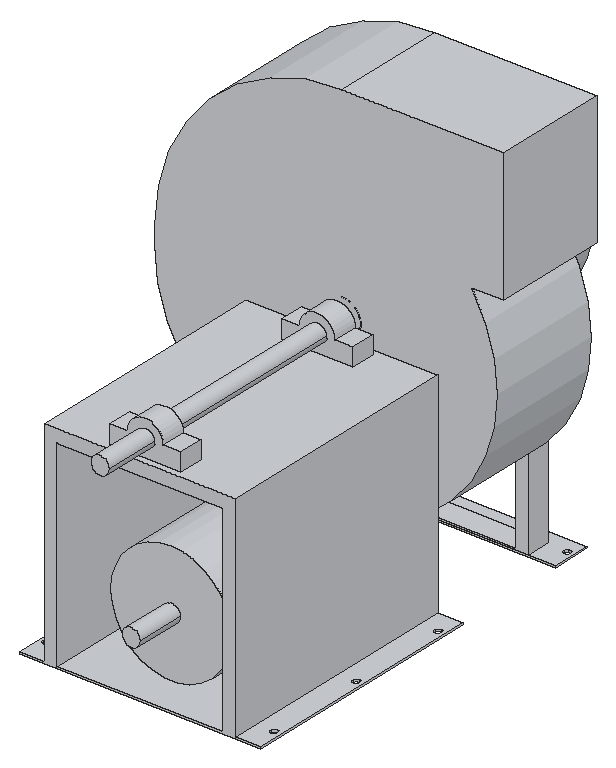
Revit family "IMH_ARR_10", category Mechanical Equipment, Revit 2019 (continued)
Types (45): name | Z | Y | X | W | UNIT_SIZE | U | THIRD_CURVE | T/2 | T+T+1" | T | SECOND_CURVE | S | R*.75 | R | Q | P/2 | P | N-A | N | M/2 | M-(A/5) | M*.9 | M | L | K | J | H | G | F | E/2 | E-2" | E | 2T | 2S | -R*.75 | -D+.125" | D | C/2 | C | BB | B/2 | B+.25" | B | AA | A/5 | A/2 | A+.25" | A | Type Comments | Model | 91*AA | -F | -D | -((B + 1/4") / 2) | (N-A)/2 | (C/2)-.125" | (C/2)+2" | (B + 1/4") / 2
  70_MHB_ARR_10 | 13 3/8" | 9 1/4" | 10 1/8" | 6" | 70 | 6 3/16" | 1.10417" | 19/32" | 3 3/8" | 1 3/16" | 53/64" | 4 1/4" | -11 5/32" | 14 7/8" | 7 7/16" | 9/32" | 9/16" | 3 15/16" | 10 9/16" | 4 5/32" | 6.9875" | 6.9875" | 8 5/16" | 9 11/16" | 9 3/16" | 4" | 24 3/16" | 26 1/4" | 21 1/16" | 4 27/32" | 7 11/16" | 9 11/16" | 2 3/8" | 8 1/2" | -11 5/32" | -14 1/8" | 14 1/4" | 3 1/2" | 7" | 8 3/8" | 2 15/16" | 6 1/8" | 5 7/8" | 8 13/16" | 1.325" | 3 5/16" | 6 7/8" | 6 5/8" | "Industrial Material Handler Backward Inclined Backplated Radial Blade Belt Driven Single Width, Single Inlet Arrangement 10" | "MHB" | 8.01938" | -21 1/16" | -14 1/4" | -3 1/16" | 1 31/32" | 3 3/8" | 5 1/2" | 3 1/16"
  70_MHR_ARR_10 | 13 3/8" | 9 1/4" | 10 1/8" | 6" | 70 | 6 3/16" | 1.10417" | 19/32" | 3 3/8" | 1 3/16" | 53/64" | 4 1/4" | -11 5/32" | 14 7/8" | 7 7/16" | 9/32" | 9/16" | 3 15/16" | 10 9/16" | 4 5/32" | 6.9875" | 6.9875" | 8 5/16" | 9 11/16" | 9 3/16" | 4" | 24 3/16" | 26 1/4" | 21 1/16" | 4 27/32" | 7 11/16" | 9 11/16" | 2 3/8" | 8 1/2" | -11 5/32" | -14 1/8" | 14 1/4" | 3 1/2" | 7" | 8 3/8" | 2 15/16" | 6 1/8" | 5 7/8" | 8 13/16" | 1.325" | 3 5/16" | 6 7/8" | 6 5/8" | "Industrial Material Handler Backward Inclined Reinforced Radial Blade Belt Driven Single Width, Single Inlet Arrangement 10" | "MHR" | 8.01938" | -21 1/16" | -14 1/4" | -3 1/16" | 1 31/32" | 3 3/8" | 5 1/2" | 3 1/16"
  90_MHB_ARR_10 | 17 1/16" | 11 3/4" | 12 15/16" | 6" | 90 | 7" | 1 13/32" | 23/32" | 3 7/8" | 1 7/16" | 1 7/128" | 5 1/16" | -11 5/32" | 14 7/8" | 7 7/16" | 9/32" | 9/16" | 5 1/16" | 13 1/2" | 5 5/16" | 8 15/16" | 8 15/16" | 10 5/8" | 12 5/16" | 9 3/16" | 4" | 28 3/4" | 27 7/8" | 21 7/8" | 4 27/32" | 7 11/16" | 9 11/16" | 2 7/8" | 10 1/8" | -11 5/32" | -15 1/8" | 15 1/4" | 4 1/2" | 9" | 10 5/8" | 3 3/4" | 7 3/4" | 7 1/2" | 11 3/16" | 1 11/16" | 4 7/32" | 8 11/16" | 8 7/16" | "Industrial Material Handler Backward Inclined Backplated Radial Blade Belt Driven Single Width, Single Inlet Arrangement 10" | "MHB" | 10.18063" | -21 7/8" | -15 1/4" | -3 7/8" | 2 17/32" | 4 3/8" | 6 1/2" | 3 7/8"
  90_MHR_ARR_10 | 17 1/16" | 11 3/4" | 12 15/16" | 6" | 90 | 7" | 1 13/32" | 23/32" | 3 7/8" | 1 7/16" | 1 7/128" | 5 1/16" | -11 5/32" | 14 7/8" | 7 7/16" | 9/32" | 9/16" | 5 1/16" | 13 1/2" | 5 5/16" | 8 15/16" | 8 15/16" | 10 5/8" | 12 5/16" | 9 3/16" | 4" | 28 3/4" | 27 7/8" | 21 7/8" | 4 27/32" | 7 11/16" | 9 11/16" | 2 7/8" | 10 1/8" | -11 5/32" | -15 1/8" | 15 1/4" | 4 1/2" | 9" | 10 5/8" | 3 3/4" | 7 3/4" | 7 1/2" | 11 3/16" | 1 11/16" | 4 7/32" | 8 11/16" | 8 7/16" | "Industrial Material Handler Backward Inclined Reinforced Radial Blade Belt Driven Single Width, Single Inlet Arrangement 10" | "MHR" | 10.18063" | -21 7/8" | -15 1/4" | -3 7/8" | 2 17/32" | 4 3/8" | 6 1/2" | 3 7/8"
  110_MH_ARR_10 | 20 13/16" | 14 7/16" | 15 3/4" | 8" | 110 | 8 13/16" | 1.72917" | 23/32" | 3 7/8" | 1 7/16" | 1 19/64" | 6 1/2" | -12 3/8" | 16 1/2" | 8 1/4" | 9/32" | 9/16" | 6 1/16" | 16 7/16" | 6 1/2" | 10.925" | 10.925" | 13" | 15 1/16" | 9 3/16" | 4" | 35 3/16" | 32 7/8" | 25" | 4 27/32" | 7 11/16" | 9 11/16" | 2 7/8" | 13" | -12 3/8" | -18 5/8" | 18 3/4" | 5 1/2" | 11" | 13 1/16" | 4 9/16" | 9 3/8" | 9 1/8" | 13 3/4" | 2.075" | 5 3/16" | 10 5/8" | 10 3/8" | "Industrial Material Handler Backward Inclined Radial Blade Belt Driven Single Width, Single Inlet Arrangement 10" | "MH" | 12.5125" | -25" | -18 3/4" | -4 11/16" | 3 1/32" | 5 3/8" | 7 1/2" | 4 11/16"
  130_MH_ARR_10 | 24 5/8" | 17" | 18 5/8" | 8" | 130 | 9 13/16" | 2 1/32" | 27/32" | 4 3/8" | 1 11/16" | 1 67/128" | 7 3/8" | -12 9/16" | 16 3/4" | 8 3/8" | 11/32" | 11/16" | 7 1/4" | 19 7/16" | 7 11/16" | 12 15/16" | 12 15/16" | 15 3/8" | 17 13/16" | 11" | 5" | 41 3/16" | 34 7/8" | 26 3/16" | 5 7/8" | 9 3/4" | 11 3/4" | 3 3/8" | 14 3/4" | -12 9/16" | -21 5/8" | 21 3/4" | 6 1/2" | 13" | 15 3/8" | 5 7/16" | 11 1/8" | 10 7/8" | 16 3/16" | 2 7/16" | 6 3/32" | 12 7/16" | 12 3/16" | "Industrial Material Handler Backward Inclined Radial Blade Belt Driven Single Width, Single Inlet Arrangement 10" | "MH" | 14.73063" | -26 3/16" | -21 3/4" | -5 9/16" | 3 5/8" | 6 3/8" | 8 1/2" | 5 9/16"
  150_MH_ARR_10 | 28 3/8" | 19 3/4" | 21 1/2" | 8" | 150 | 10 11/16" | 2 11/32" | 31/32" | 4 7/8" | 1 15/16" | 1 97/128" | 8 7/32" | -16 1/8" | 21 1/2" | 10 3/4" | 11/32" | 11/16" | 8 5/16" | 22 3/8" | 8 7/8" | 14 15/16" | 14 15/16" | 17 3/4" | 20 5/8" | 12 1/4" | 5" | 47 5/8" | 41 5/16" | 31 3/4" | 6 1/2" | 11" | 13" | 3 7/8" | 16 7/16" | -16 1/8" | -25 1/8" | 25 1/4" | 7 1/2" | 15" | 18" | 6 9/32" | 12 13/16" | 12 9/16" | 18 7/8" | 2 13/16" | 7 1/32" | 14 5/16" | 14 1/16" | "Industrial Material Handler Backward Inclined Radial Blade Belt Driven Single Width, Single Inlet Arrangement 10" | "MH" | 17.17625" | -31 3/4" | -25 1/4" | -6 13/32" | 4 5/32" | 7 3/8" | 9 1/2" | 6 13/32"
  170_MH_ARR_10 | 32 3/16" | 22 1/2" | 24 9/16" | 8" | 170 | 11 1/2" | 2.66667" | 1 3/32" | 5 3/8" | 2 3/16" | 2" | 9 1/16" | -16 1/8" | 21 1/2" | 10 3/4" | 11/32" | 11/16" | 9 3/8" | 25 3/8" | 10 1/16" | 16.925" | 16.925" | 20 1/8" | 23 3/4" | 13 1/8" | 6" | 53 5/8" | 43" | 32 9/16" | 6 15/16" | 11 7/8" | 13 7/8" | 4 3/8" | 18 1/8" | -16 1/8" | -28 1/8" | 28 1/4" | 8 1/2" | 17" | 20 1/4" | 7 1/8" | 14 1/2" | 14 1/4" | 21 1/4" | 3.2" | 8" | 16 1/4" | 16" | "Industrial Material Handler Backward Inclined Radial Blade Belt Driven Single Width, Single Inlet Arrangement 10" | "MH" | 19.3375" | -32 9/16" | -28 1/4" | -7 1/4" | 4 11/16" | 8 3/8" | 10 1/2" | 7 1/4"
  190_MH_ARR_10 | 35 13/16" | 24 7/8" | 27 1/8" | 8" | 190 | 12 5/16" | 2 31/32" | 1 7/32" | 5 7/8" | 2 7/16" | 2 29/128" | 9 15/16" | -17 1/16" | 22 3/4" | 11 3/8" | 11/32" | 11/16" | 10 7/16" | 28 1/4" | 11 7/32" | 18 7/8" | 18 7/8" | 22 7/16" | 25 15/16" | 14 9/16" | 6" | 59 1/2" | 46" | 34 11/16" | 7 21/32" | 13 5/16" | 15 5/16" | 4 7/8" | 19 7/8" | -17 1/16" | -31 1/8" | 31 1/4" | 9 1/2" | 19" | 22 5/8" | 7 15/16" | 16 1/8" | 15 7/8" | 23 3/4" | 3 9/16" | 8 29/32" | 18 1/16" | 17 13/16" | "Industrial Material Handler Backward Inclined Radial Blade Belt Driven Single Width, Single Inlet Arrangement 10" | "MH" | 21.6125" | -34 11/16" | -31 1/4" | -8 1/16" | 5 7/32" | 9 3/8" | 11 1/2" | 8 1/16"
  210_MH_ARR_10 | 38 3/8" | 27 1/8" | 29 7/8" | 8" | 210 | 13 3/16" | 3.29167" | 1 7/32" | 5 7/8" | 2 7/16" | 2 15/32" | 10 21/32" | -19 1/8" | 25 1/2" | 12 3/4" | 11/32" | 11/16" | 11 1/2" | 31 1/4" | 11 1/2" | 19.05" | 19.05" | 23" | 28 1/2" | 15 13/16" | 6" | 65 3/4" | 50 3/8" | 38 1/4" | 8 9/32" | 14 9/16" | 16 9/16" | 4 7/8" | 21 5/16" | -19 1/8" | -34 3/8" | 34 1/2" | 10 1/2" | 21" | 24 3/8" | 8 25/32" | 17 13/16" | 17 9/16" | 25 3/4" | 3.95" | 9 7/8" | 20" | 19 3/4" | "Industrial Material Handler Backward Inclined Radial Blade Belt Driven Single Width, Single Inlet Arrangement 10" | "MH" | 23.4325" | -38 1/4" | -34 1/2" | -8 29/32" | 5 3/4" | 10 3/8" | 12 1/2" | 8 29/32"
  230_MH_ARR_10 | 42 5/8" | 29 13/16" | 32 13/16" | 8" | 230 | 15 1/8" | 3.60417" | 1 11/32" | 6 3/8" | 2 11/16" | 2 45/64" | 12 5/16" | -20 5/32" | 26 7/8" | 13 7/16" | 13/32" | 13/16" | 12 11/16" | 34 5/16" | 13" | 21.675" | 21.675" | 26" | 31 1/4" | 17 9/16" | 7" | 71 13/16" | 55 1/4" | 41 1/8" | 9 13/32" | 16 13/16" | 18 13/16" | 5 3/8" | 24 5/8" | -20 5/32" | -37 3/8" | 37 1/2" | 11 1/2" | 23" | 26 13/16" | 9 5/8" | 19 1/2" | 19 1/4" | 28 5/16" | 4.325" | 10 13/16" | 21 7/8" | 21 5/8" | "Industrial Material Handler Backward Inclined Radial Blade Belt Driven Single Width, Single Inlet Arrangement 10" | "MH" | 25.76438" | -41 1/8" | -37 1/2" | -9 3/4" | 6 11/32" | 11 3/8" | 13 1/2" | 9 3/4"
  260_MH_ARR_10 | 49 5/8" | 33 1/2" | 38 3/16" | 8" | 260 | 16 3/8" | 4.07292" | 1 11/32" | 6 3/8" | 2 11/16" | 3 7/128" | 13 9/16" | -20 13/16" | 27 3/4" | 13 7/8" | 13/32" | 13/16" | 16 3/4" | 41 3/16" | 14 1/2" | 24.1125" | 24.1125" | 29" | 35 1/8" | 19 3/8" | 7" | 82 15/16" | 58 11/16" | 43 15/16" | 10 5/16" | 18 5/8" | 20 5/8" | 5 3/8" | 27 1/8" | -20 13/16" | -41 5/8" | 41 3/4" | 13" | 26" | 30 1/4" | 10 7/8" | 22" | 21 3/4" | 31 7/8" | 4.8875" | 12 7/32" | 24 11/16" | 24 7/16" | "Industrial Material Handler Backward Inclined Radial Blade Belt Driven Single Width, Single Inlet Arrangement 10" | "MH" | 29.00625" | -43 15/16" | -41 3/4" | -11" | 8 3/8" | 12 7/8" | 15" | 11"
  290_MH_ARR_10 | 54 7/8" | 37 5/8" | 42 11/16" | 8" | 290 | 17 5/8" | 4.55208" | 1 15/32" | 6 7/8" | 2 15/16" | 3 53/128" | 14 13/16" | -21 9/16" | 28 3/4" | 14 3/8" | 13/32" | 13/16" | 18 9/16" | 45 7/8" | 15 7/8" | 26.2875" | 26.2875" | 31 3/4" | 39 1/2" | 21 1/4" | 8" | 92 1/2" | 62 3/16" | 45 9/16" | 11 1/4" | 20 1/2" | 22 1/2" | 5 7/8" | 29 5/8" | -21 9/16" | -46 3/8" | 46 1/2" | 14 1/2" | 29" | 33 7/8" | 12 1/8" | 24 1/2" | 24 1/4" | 35 3/4" | 5.4625" | 13 21/32" | 27 9/16" | 27 5/16" | "Industrial Material Handler Backward Inclined Radial Blade Belt Driven Single Width, Single Inlet Arrangement 10" | "MH" | 32.5325" | -45 9/16" | -46 1/2" | -12 1/4" | 9 9/32" | 14 3/8" | 16 1/2" | 12 1/4"
  70_MH_ARR_10 | 13 3/8" | 9 1/4" | 10 1/8" | 6" | 70 | 6 3/16" | 1.10417" | 19/32" | 3 3/8" | 1 3/16" | 53/64" | 4 1/4" | -11 5/32" | 14 7/8" | 7 7/16" | 9/32" | 9/16" | 3 15/16" | 10 9/16" | 4 5/32" | 6.9875" | 6.9875" | 8 5/16" | 9 11/16" | 9 3/16" | 4" | 24 3/16" | 26 1/4" | 21 1/16" | 4 27/32" | 7 11/16" | 9 11/16" | 2 3/8" | 8 1/2" | -11 5/32" | -14 1/8" | 14 1/4" | 3 1/2" | 7" | 8 3/8" | 2 15/16" | 6 1/8" | 5 7/8" | 8 13/16" | 1.325" | 3 5/16" | 6 7/8" | 6 5/8" | "Industrial Material Handler Backward Inclined Radial Blade Belt Driven Single Width, Single Inlet Arrangement 10" | "MH" | 8.01938" | -21 1/16" | -14 1/4" | -3 1/16" | 1 31/32" | 3 3/8" | 5 1/2" | 3 1/16"
  90_MH_ARR_10 | 17 1/16" | 11 3/4" | 12 15/16" | 6" | 90 | 7" | 1 13/32" | 23/32" | 3 7/8" | 1 7/16" | 1 7/128" | 5 1/16" | -11 5/32" | 14 7/8" | 7 7/16" | 9/32" | 9/16" | 5 1/16" | 13 1/2" | 5 5/16" | 8 15/16" | 8 15/16" | 10 5/8" | 12 5/16" | 9 3/16" | 4" | 28 3/4" | 27 7/8" | 21 7/8" | 4 27/32" | 7 11/16" | 9 11/16" | 2 7/8" | 10 1/8" | -11 5/32" | -15 1/8" | 15 1/4" | 4 1/2" | 9" | 10 5/8" | 3 3/4" | 7 3/4" | 7 1/2" | 11 3/16" | 1 11/16" | 4 7/32" | 8 11/16" | 8 7/16" | "Industrial Material Handler Backward Inclined Radial Blade Belt Driven Single Width, Single Inlet Arrangement 10" | "MH" | 10.18063" | -21 7/8" | -15 1/4" | -3 7/8" | 2 17/32" | 4 3/8" | 6 1/2" | 3 7/8"
